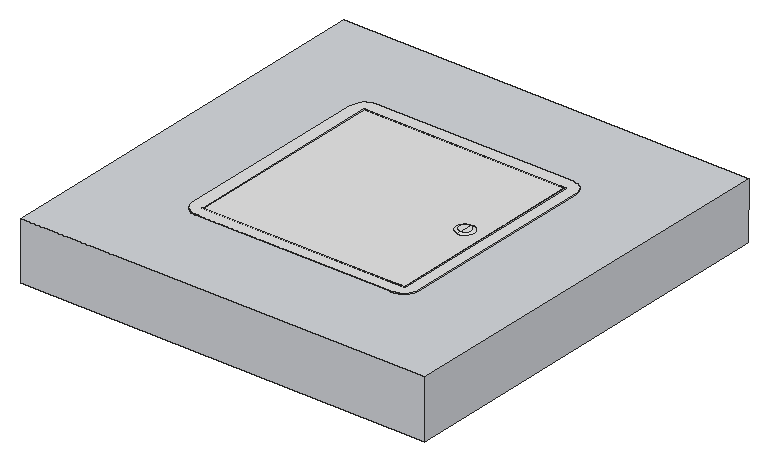
Revit family
Parameters (values of type "WM-CABH012")
  WELSRating_ANZRS = "4 star"
  URL = "www.galvinengineering.com.au"
  Type Comments = "WM-CABH"
  StyleOrType_ANZRS = "Plumbing Fixture"
  Seating = ""
  RemovableDoor = not(HingedDoor)  # no
  PlumbingMaterial_ANZRS = Metal_Valves_DR-Brass-Nickel-Plated_10800
  Outlet = ""
  ModifiedIssue_ANZRS = 20120403.01  # constant formula
  Model = "WM-CABH012"
  Manufacturer = "Galvin Engineering"
  Keynote = "10800"
  Instructions = "http://www.galvinengineering.com.au/Installation_Guides_1.aspx"
  Inlet = ""
  HingedDoor = yes
  FilterObject_ANZRS = "WM-CABH"
  Description = "CliniMix® Cabinet Only With Hinged Door 4 Hole Top & Bottom"
  Default Elevation = 900.00 mm
  CreatedBy_ANZRS = "Galvin Engineering"
  CreatedByURL_ANZRS = "www.galvinengineering.com.au"
  CreatedByPhoneNo_ANZRS = "61-8-92495900"
  Circulation_ANZRS = yes
  Assembly Code = "D2010"
Types (3, lengths in mm): name | Type Comments | RemovableDoor | Model | HingedDoor | FilterObject_ANZRS | Description
  (no name) | "WM-CABH" | no | "WM-CABH012" | yes | "WM-CABH" | "CliniMix® Cabinet Only With Hinged Door 4 Hole Top & Bottom"
  WM-CABH012 | "WM-CABH" | no | "WM-CABH012" | yes | "WM-CABH" | "CliniMix® Cabinet Only With Hinged Door 4 Hole Top & Bottom"
  WM-CABR012 | "WM-CABR" | yes | "WM-CABR012" | no | "WM-CABR" | "CliniMix® Cabinet Only With Removable Door 4 Hole Top & Bottom"
Reference planes
  plane 1 "Center (Front/Back)": y = 0
  plane 2 "Face": z = 0
  plane 3 "Center (Left/Right)": x = 0
  plane 4 "Left": x = -175
  plane 5 "Right": x = 175
  plane 6 "Top": y = 175
  plane 7 "Bottom": y = -175
  plane 8 "Front": z = 1
Forms (mm)
  Extrusion 1, solid
    sketch origin (0, -719.2, 0) x (1, 0, 0) y (0, 1, 0)
      loop
        line (-350, 1069.2) -> (-350, 369.2) -> (350, 369.2) -> (350, 1069.2) -> (-350, 1069.2)
    from 0 to -100
  Extrusion 2, solid, material "Metal_Valves_DR-Brass-Nickel-Plated_10800" <- "PlumbingMaterial_ANZRS"
    sketch origin (0, 0, -74) x (1, 0, 0) y (0, 1, 0)
      loop
        line (-175, 175) -> (-175, -175) -> (175, -175) -> (175, 175) -> (-175, 175)
      loop
        line (-174, 174) -> (-174, -174) -> (174, -174) -> (174, 174) -> (-174, 174)
    from 0 to 75
  Extrusion 3, solid, material "Metal_Valves_DR-Brass-Nickel-Plated_10800" <- "PlumbingMaterial_ANZRS"
    sketch origin (0, 0, 1) x (-1, 0, 0) y (0, -1, 0)
      loop
        arc (195, 170) -> (187.678, 187.678) -> (170, 195) r 25
        line (170, 195) -> (-170, 195)
        arc (-170, 195) -> (-187.678, 187.678) -> (-195, 170) r 25
        line (-195, 170) -> (-195, -170)
        arc (-195, -170) -> (-187.678, -187.678) -> (-170, -195) r 25
        line (-170, -195) -> (170, -195)
        arc (170, -195) -> (187.678, -187.678) -> (195, -170) r 25
        line (195, -170) -> (195, 170)
    from 0 to -1
  Extrusion 4, solid, material "Metal_Valves_DR-Brass-Nickel-Plated_10800" <- "PlumbingMaterial_ANZRS"
    sketch origin (0, 0, -74) x (1, 0, 0) y (0, 1, 0)
      loop
        line (-175, 175) -> (-175, -175) -> (175, -175) -> (175, 175) -> (-175, 175)
    from 0 to 1
  Revolve 5, solid, material "Metal_Valves_DR-Brass-Nickel-Plated_10800" <- "PlumbingMaterial_ANZRS", detail levels medium+fine
    sketch origin (-25, 0, -36.5) x (1, 0, 0) y (0, 1, 0)
      loop
        line (-150, 115) -> (-151.25, 115) -> (-151.25, 114) -> (-156.773, 114) -> (-156.773, 112.5) -> (-157.614, 112.5) -> (-157.91, 111.688) -> (-158.205, 112.5) -> (-158.501, 111.688) -> (-158.796, 112.5) -> (-159.091, 111.688) -> (-159.387, 112.5) -> (-159.682, 111.688) -> (-159.978, 112.5) -> (-160.273, 111.688) -> (-160.569, 112.5) -> (-160.864, 111.688) -> (-161.159, 112.5) -> (-161.455, 111.688) -> (-161.75, 112.5) -> (-162.046, 111.688) -> (-162.341, 112.5) -> (-162.637, 111.688) -> (-162.932, 112.5) -> (-163.227, 111.688) -> (-163.523, 112.5) -> (-163.818, 111.688) -> (-164.114, 112.5) -> (-164.409, 111.688) -> (-164.705, 112.5) -> (-165, 111.688) -> (-165, 110) -> (-150, 110) -> (-150, 115)
      axis (-150, 110) -> (-165, 110)
    angle from 0 to 360
  Revolve 6, solid, material "Metal_Valves_DR-Brass-Nickel-Plated_10800" <- "PlumbingMaterial_ANZRS", detail levels medium+fine
    sketch origin (-25, 0, -36.5) x (1, 0, 0) y (0, 1, 0)
      loop
        line (-150, -115) -> (-150, -110) -> (-165, -110) -> (-165, -111.688) -> (-164.705, -112.5) -> (-164.409, -111.688) -> (-164.114, -112.5) -> (-163.818, -111.688) -> (-163.523, -112.5) -> (-163.227, -111.688) -> (-162.932, -112.5) -> (-162.637, -111.688) -> (-162.341, -112.5) -> (-162.046, -111.688) -> (-161.75, -112.5) -> (-161.455, -111.688) -> (-161.159, -112.5) -> (-160.864, -111.688) -> (-160.569, -112.5) -> (-160.273, -111.688) -> (-159.978, -112.5) -> (-159.682, -111.688) -> (-159.387, -112.5) -> (-159.091, -111.688) -> (-158.796, -112.5) -> (-158.501, -111.688) -> (-158.205, -112.5) -> (-157.91, -111.688) -> (-157.614, -112.5) -> (-156.773, -112.5) -> (-156.773, -114) -> (-151.25, -114) -> (-151.25, -115) -> (-150, -115)
      axis (-150, -110) -> (-165, -110)
    angle from 0 to 360
  Revolve 7, solid, material "Metal_Valves_DR-Brass-Nickel-Plated_10800" <- "PlumbingMaterial_ANZRS", detail levels medium+fine
    sketch origin (25, 0, -36.5) x (-1, 0, 0) y (0, -1, 0)
      loop
        line (-150, -115) -> (-150, -110) -> (-165, -110) -> (-165, -111.688) -> (-164.705, -112.5) -> (-164.409, -111.688) -> (-164.114, -112.5) -> (-163.818, -111.688) -> (-163.523, -112.5) -> (-163.227, -111.688) -> (-162.932, -112.5) -> (-162.637, -111.688) -> (-162.341, -112.5) -> (-162.046, -111.688) -> (-161.75, -112.5) -> (-161.455, -111.688) -> (-161.159, -112.5) -> (-160.864, -111.688) -> (-160.569, -112.5) -> (-160.273, -111.688) -> (-159.978, -112.5) -> (-159.682, -111.688) -> (-159.387, -112.5) -> (-159.091, -111.688) -> (-158.796, -112.5) -> (-158.501, -111.688) -> (-158.205, -112.5) -> (-157.91, -111.688) -> (-157.614, -112.5) -> (-156.773, -112.5) -> (-156.773, -114) -> (-151.25, -114) -> (-151.25, -115) -> (-150, -115)
      axis (-150, -110) -> (-165, -110)
    angle from 0 to 360
  Revolve 8, solid, material "Metal_Valves_DR-Brass-Nickel-Plated_10800" <- "PlumbingMaterial_ANZRS", detail levels medium+fine
    sketch origin (25, 0, -36.5) x (-1, 0, 0) y (0, -1, 0)
      loop
        line (-150, 115) -> (-151.25, 115) -> (-151.25, 114) -> (-156.773, 114) -> (-156.773, 112.5) -> (-157.614, 112.5) -> (-157.91, 111.688) -> (-158.205, 112.5) -> (-158.501, 111.688) -> (-158.796, 112.5) -> (-159.091, 111.688) -> (-159.387, 112.5) -> (-159.682, 111.688) -> (-159.978, 112.5) -> (-160.273, 111.688) -> (-160.569, 112.5) -> (-160.864, 111.688) -> (-161.159, 112.5) -> (-161.455, 111.688) -> (-161.75, 112.5) -> (-162.046, 111.688) -> (-162.341, 112.5) -> (-162.637, 111.688) -> (-162.932, 112.5) -> (-163.227, 111.688) -> (-163.523, 112.5) -> (-163.818, 111.688) -> (-164.114, 112.5) -> (-164.409, 111.688) -> (-164.705, 112.5) -> (-165, 111.688) -> (-165, 110) -> (-150, 110) -> (-150, 115)
      axis (-150, 110) -> (-165, 110)
    angle from 0 to 360
  Revolve 9, solid, material "Metal_Valves_DR-Brass-Nickel-Plated_10800" <- "PlumbingMaterial_ANZRS", visible <- "HingedDoor", detail levels medium+fine
    sketch origin (140, 0, -74) x (0, 1, 0) y (0, 0, 1)
      loop
        line (15, 75) -> (11, 76.5) -> (0, 76.5) -> (0, 75) -> (15, 75)
      axis (0, 75) -> (0, 76.5)
    angle from 0 to 360
  Revolve 10, solid, material "Plastic_Valves_Grey_10800"
    sketch origin (-35, 25, -39) x (-1, 0, 0) y (0, -1, 0)
      loop
        line (0, -150) -> (-17.5, -150) -> (-17.5, -152)
        arc (-17.5, -152) -> (-16.621, -154.121) -> (-14.5, -155) r 3
        line (-14.5, -155) -> (0, -155) -> (0, -150)
      axis (0, -155) -> (0, -150)
    angle from 0 to 360
  Revolve 11, solid, material "Plastic_Valves_Grey_10800"
    sketch origin (35, 25, -39) x (1, 0, 0) y (0, 1, 0)
      loop
        line (0, 150) -> (0, 155) -> (-14.5, 155)
        arc (-14.5, 155) -> (-16.621, 154.121) -> (-17.5, 152) r 3
        line (-17.5, 152) -> (-17.5, 150) -> (0, 150)
      axis (0, 155) -> (0, 150)
    angle from 0 to 360
  Revolve 12, solid, material "Plastic_Valves_Grey_10800"
    sketch origin (-105, 25, -39) x (-1, 0, 0) y (0, -1, 0)
      loop
        line (0, -150) -> (-17.5, -150) -> (-17.5, -152)
        arc (-17.5, -152) -> (-16.621, -154.121) -> (-14.5, -155) r 3
        line (-14.5, -155) -> (0, -155) -> (0, -150)
      axis (0, -155) -> (0, -150)
    angle from 0 to 360
  Revolve 13, solid, material "Plastic_Valves_Grey_10800"
    sketch origin (105, 25, -39) x (1, 0, 0) y (0, 1, 0)
      loop
        line (0, 150) -> (0, 155) -> (-14.5, 155)
        arc (-14.5, 155) -> (-16.621, 154.121) -> (-17.5, 152) r 3
        line (-17.5, 152) -> (-17.5, 150) -> (0, 150)
      axis (0, 155) -> (0, 150)
    angle from 0 to 360
  Revolve 14, solid, material "Plastic_Valves_Grey_10800"
    sketch origin (-35, -25, -39) x (-1, 0, 0) y (0, -1, 0)
      loop
        line (0, 150) -> (0, 155) -> (-14.5, 155)
        arc (-14.5, 155) -> (-16.621, 154.121) -> (-17.5, 152) r 3
        line (-17.5, 152) -> (-17.5, 150) -> (0, 150)
      axis (0, 155) -> (0, 150)
    angle from 0 to 360
  Revolve 15, solid, material "Plastic_Valves_Grey_10800"
    sketch origin (35, -25, -39) x (1, 0, 0) y (0, 1, 0)
      loop
        line (0, -150) -> (-17.5, -150) -> (-17.5, -152)
        arc (-17.5, -152) -> (-16.621, -154.121) -> (-14.5, -155) r 3
        line (-14.5, -155) -> (0, -155) -> (0, -150)
      axis (0, -155) -> (0, -150)
    angle from 0 to 360
  Revolve 16, solid, material "Plastic_Valves_Grey_10800"
    sketch origin (-105, -25, -39) x (-1, 0, 0) y (0, -1, 0)
      loop
        line (0, 150) -> (0, 155) -> (-14.5, 155)
        arc (-14.5, 155) -> (-16.621, 154.121) -> (-17.5, 152) r 3
        line (-17.5, 152) -> (-17.5, 150) -> (0, 150)
      axis (0, 155) -> (0, 150)
    angle from 0 to 360
  Revolve 17, solid, material "Plastic_Valves_Grey_10800"
    sketch origin (105, -25, -39) x (1, 0, 0) y (0, 1, 0)
      loop
        line (0, -150) -> (-17.5, -150) -> (-17.5, -152)
        arc (-17.5, -152) -> (-16.621, -154.121) -> (-14.5, -155) r 3
        line (-14.5, -155) -> (0, -155) -> (0, -150)
      axis (0, -155) -> (0, -150)
    angle from 0 to 360
  Revolve 18, solid, material "Metal_Valves_DR-Brass-Nickel-Plated_10800" <- "PlumbingMaterial_ANZRS", visible <- "RemovableDoor", detail levels medium+fine
    sketch origin (0, -133.75, -74) x (0, 1, 0) y (0, 0, 1)
      loop
        line (15, 75) -> (11, 76.5) -> (0, 76.5) -> (0, 75) -> (15, 75)
      axis (0, 75) -> (0, 76.5)
    angle from 0 to 360
Lines and regions (mm)
  symbolic lines, style "Taps/Mixers"
    curve 1: line (-195, 170, 75) -> (-195, -170, 75)
    curve 2: arc (-195, -170, 75) -> (-187.678, -187.678, 75) -> (-170, -195, 75) r 25
    curve 3: line (-170, -195, 75) -> (170, -195, 75)
    curve 4: arc (170, -195, 75) -> (187.678, -187.678, 75) -> (195, -170, 75) r 25
    curve 5: line (195, -170, 75) -> (195, 170, 75)
    curve 6: arc (195, 170, 75) -> (187.678, 187.678, 75) -> (170, 195, 75) r 25
    curve 7: line (170, 195, 75) -> (-170, 195, 75)
    curve 8: arc (-170, 195, 75) -> (-187.678, 187.678, 75) -> (-195, 170, 75) r 25
    curve 23: line (-195, 0, 0) -> (195, 0, 0)
    curve 24: line (195, 0, 1) -> (-195, 0, 1)
    curve 25: line (-195, 0, 1) -> (-195, 0, 0)
    curve 26: line (195, 0, 0) -> (195, 0, 1)
    curve 38: line (0, -195, 0) -> (0, 195, 0)
    curve 39: line (0, 195, 1) -> (0, -195, 1)
    curve 42: line (0, -195, 1) -> (0, -195, 0)
    curve 43: line (0, 195, 0) -> (0, 195, 1)
  symbolic lines, style "Taps/Mixers", visible <- "HingedDoor", detail levels medium+fine
    curve 9: circle (140, 0, 75) r 15 normal (0, 0, 1)
    curve 10: circle (140, 0, 75) r 12 normal (0, 0, 1)
    curve 27: line (151, 0, 2.5) -> (129, 0, 2.5)
    curve 28: line (129, 0, 2.5) -> (124.879, 0, 1)
    curve 29: line (151, 0, 2.5) -> (155.121, 0, 1)
    curve 44: line (0, 11, 2.5) -> (0, -11, 2.5)
    curve 45: line (0, -11, 2.5) -> (0, -15, 1)
    curve 46: line (0, 11, 2.5) -> (0, 15, 1)
  symbolic lines, style "Taps/Mixers", visible <- "HingedDoor", detail levels fine
    curve 11: line (129.943, -1, 75) -> (149.943, -1, 75)
    curve 12: line (129.943, 1, 75) -> (129.943, -1, 75)
    curve 13: line (149.943, 1, 75) -> (129.943, 1, 75)
    curve 14: line (149.943, -1, 75) -> (149.943, 1, 75)
  symbolic lines, style "Taps/Mixers", visible <- "RemovableDoor", detail levels medium+fine
    curve 15: circle (0, -133.75, 75) r 15 normal (0, 0, 1)
    curve 16: circle (0, -133.75, 75) r 12 normal (0, 0, 1)
    curve 34: line (11, 0, 2.5) -> (-11, 0, 2.5)
    curve 35: line (-11, 0, 2.5) -> (-15.121, 0, 1)
    curve 36: line (11, 0, 2.5) -> (15.121, 0, 1)
    curve 57: line (0, -122.75, 2.5) -> (0, -144.75, 2.5)
    curve 58: line (0, -144.75, 2.5) -> (0, -148.75, 1)
    curve 59: line (0, -122.75, 2.5) -> (0, -118.75, 1)
  symbolic lines, style "Taps/Mixers", visible <- "RemovableDoor", detail levels fine
    curve 17: line (-1.057, -123.75, 75) -> (-1.057, -143.75, 75)
    curve 18: line (0.943, -123.75, 75) -> (-1.057, -123.75, 75)
    curve 19: line (0.943, -143.75, 75) -> (0.943, -123.75, 75)
    curve 20: line (-1.057, -143.75, 75) -> (0.943, -143.75, 75)
  symbolic lines, style "PlumbingFixturesHiddenLines"
    curve 21: line (-175, 0, 0) -> (-175, 0, -74)
    curve 22: line (175, 0, -74) -> (175, 0, 0)
    curve 30: circle (-35, 0, -39) r 17.5 normal (0, 1, 0)
    curve 31: circle (35, 0, -39) r 17.5 normal (0, -1, 0)
    curve 32: circle (105, 0, -39) r 17.5 normal (0, -1, 0)
    curve 33: circle (-105, 0, -39) r 17.5 normal (0, 1, 0)
    curve 37: line (-175, 0, -74) -> (175, 0, -74)
    curve 40: line (0, -175, 0) -> (0, -175, -74)
    curve 41: line (0, 175, -74) -> (0, 175, 0)
    curve 47: line (0, 177.027, -21.489) -> (0, 175, -21.489)
    curve 48: line (0, 180.027, -24.489) -> (0, 180.027, -53.489)
    curve 49: line (0, 177.027, -56.489) -> (0, 175, -56.489)
    curve 50: arc (0, 180.027, -53.489) -> (0, 179.148, -55.611) -> (0, 177.027, -56.489) r 3
    curve 51: arc (0, 180.027, -24.489) -> (0, 179.148, -22.368) -> (0, 177.027, -21.489) r 3
    curve 52: line (0, -177.027, -21.489) -> (0, -175, -21.489)
    curve 53: line (0, -180.027, -24.489) -> (0, -180.027, -53.489)
    curve 54: line (0, -177.027, -56.489) -> (0, -175, -56.489)
    curve 55: arc (0, -180.027, -53.489) -> (0, -179.148, -55.611) -> (0, -177.027, -56.489) r 3
    curve 56: arc (0, -180.027, -24.489) -> (0, -179.148, -22.368) -> (0, -177.027, -21.489) r 3
    curve 60: line (0, -175, -74) -> (0, 175, -74)
Dimensions and locks
  aligned and locked: plane 2 "Face" to Extrusion 1
  aligned and locked: level to Extrusion 1
  aligned and locked: Extrusion 2 to plane 8 "Front"
